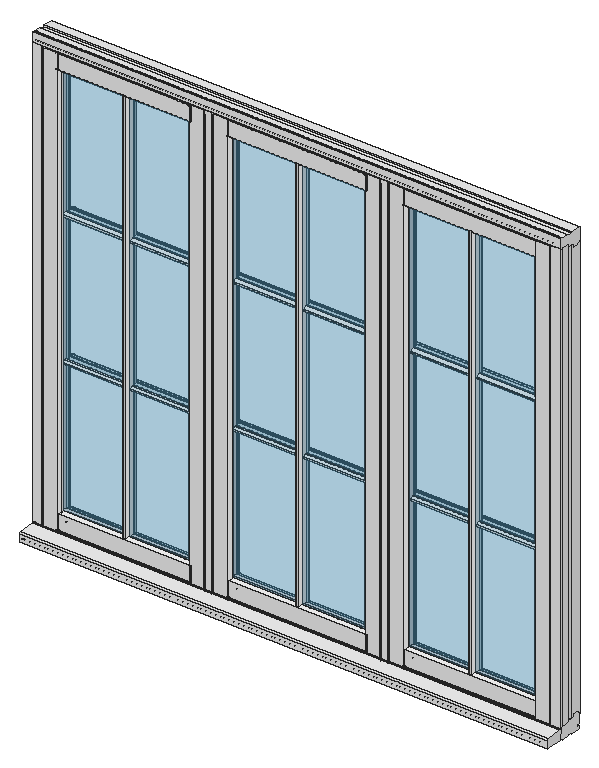
Revit family "C3-6P", category Windows, host Wall, Revit 2012 (continued)
Automatic sketch dimensions
  Sweep 16 sketch curve to profile plane = 0.0 mm
  profile plane to Sweep 16 sketch curve = 3.0 mm  (x2)
  profile plane to Sweep 16 sketch curve = 8.0 mm  (x2)
  Sweep 16 sketch curve to Sweep 16 sketch curve = 2.0 mm  (x3)
  Sweep 16 sketch curve to Sweep 16 sketch curve = 3.0 mm
  Sweep 16 sketch curve to Sweep 16 sketch curve = 42.0 mm
  Sweep 16 sketch curve to Sweep 16 sketch curve = 6.0 mm
  Sweep 16 sketch curve to Sweep 16 sketch curve = 10.0 mm
  Sweep 16 sketch curve to plane 1 "Center (Front/Back)" = 14.25 mm
  plane 1 "Center (Front/Back)" to Sweep 16 sketch curve = 4.75 mm
  Sweep 16 sketch curve to Sweep 16 sketch curve = 18.0 mm
  plane 1 "Center (Front/Back)" to Sweep 16 sketch curve = 33.75 mm
  Sweep 16 sketch curve to Sweep 16 sketch curve = 11.0 mm
  plane 24 to Sweep 17 sketch curve = 58.0 mm
  plane 1 "Center (Front/Back)" to Sweep 17 sketch curve = 1.0 mm
  profile plane to Sweep 17 sketch curve = 10.0 mm
  Sweep 17 sketch curve to Sweep 17 sketch curve = 3.0 mm  (x2)
  Sweep 17 sketch curve to Sweep 17 sketch curve = 4.0 mm  (x2)
  Sweep 17 sketch curve to profile plane = 1.0 mm
  Sweep 17 sketch curve to Sweep 17 sketch curve = 5.0 mm
  Sweep 17 sketch curve to Sweep 17 sketch curve = 1.0 mm
  plane 1 "Center (Front/Back)" to Sweep 17 sketch curve = 9.0 mm
  Sweep 18 sketch curve to plane 6 "Sill" = 0.0 mm
  Sweep 18 sketch curve to plane 12 = 0.0 mm
  Sweep 18 sketch curve to profile plane = 0.0 mm
  profile plane to Sweep 18 sketch curve = 3.0 mm  (x2)
  profile plane to Sweep 18 sketch curve = 8.0 mm  (x2)
  Sweep 18 sketch curve to Sweep 18 sketch curve = 2.0 mm  (x3)
  Sweep 18 sketch curve to Sweep 18 sketch curve = 3.0 mm
  Sweep 18 sketch curve to Sweep 18 sketch curve = 42.0 mm
  Sweep 18 sketch curve to Sweep 18 sketch curve = 6.0 mm
  Sweep 18 sketch curve to Sweep 18 sketch curve = 10.0 mm
  Sweep 18 sketch curve to plane 1 "Center (Front/Back)" = 14.25 mm
  plane 1 "Center (Front/Back)" to Sweep 18 sketch curve = 4.75 mm
  Sweep 18 sketch curve to Sweep 18 sketch curve = 18.0 mm
  plane 1 "Center (Front/Back)" to Sweep 18 sketch curve = 33.75 mm
  Sweep 18 sketch curve to Sweep 18 sketch curve = 11.0 mm
  Sweep 19 sketch curve to plane 6 "Sill" = 0.0 mm
  Sweep 19 sketch curve to profile plane = 0.0 mm
  Sweep 19 sketch curve to profile plane = 3.0 mm
  Sweep 19 sketch curve to Sweep 19 sketch curve = 0.0 mm
  Sweep 19 sketch curve to profile plane = 8.0 mm
  Sweep 19 sketch curve to Sweep 19 sketch curve = 5.0 mm
  Sweep 19 sketch curve to Sweep 19 sketch curve = 2.0 mm  (x3)
  Sweep 19 sketch curve to Sweep 19 sketch curve = 3.0 mm
  Sweep 19 sketch curve to plane 1 "Center (Front/Back)" = 14.25 mm
  Sweep 19 sketch curve to Sweep 19 sketch curve = 41.0 mm
  Sweep 19 sketch curve to Sweep 19 sketch curve = 6.0 mm
  Sweep 19 sketch curve to Sweep 19 sketch curve = 10.0 mm
  plane 1 "Center (Front/Back)" to Sweep 19 sketch curve = 4.75 mm
  Sweep 19 sketch curve to Sweep 19 sketch curve = 18.0 mm
  plane 1 "Center (Front/Back)" to Sweep 19 sketch curve = 33.75 mm
  Sweep 19 sketch curve to Sweep 19 sketch curve = 11.0 mm
  profile plane to Sweep 20 sketch curve = 0.0 mm
  Sweep 20 sketch curve to profile plane = 3.0 mm
  Sweep 20 sketch curve to Sweep 20 sketch curve = 0.0 mm
  Sweep 20 sketch curve to profile plane = 12.0 mm
  Sweep 20 sketch curve to Sweep 20 sketch curve = 9.0 mm
  Sweep 20 sketch curve to Sweep 20 sketch curve = 2.0 mm  (x3)
  Sweep 20 sketch curve to Sweep 20 sketch curve = 3.0 mm
  Sweep 20 sketch curve to plane 1 "Center (Front/Back)" = 14.75 mm
  Sweep 20 sketch curve to Sweep 20 sketch curve = 41.0 mm
  Sweep 20 sketch curve to Sweep 20 sketch curve = 6.0 mm
  Sweep 20 sketch curve to Sweep 20 sketch curve = 10.0 mm
  plane 1 "Center (Front/Back)" to Sweep 20 sketch curve = 4.25 mm
  Sweep 20 sketch curve to Sweep 20 sketch curve = 18.0 mm
  plane 1 "Center (Front/Back)" to Sweep 20 sketch curve = 33.25 mm
  Sweep 20 sketch curve to Sweep 20 sketch curve = 11.0 mm
  Sweep 21 sketch curve to profile plane = 0.0 mm
  profile plane to Sweep 21 sketch curve = 3.0 mm  (x2)
  profile plane to Sweep 21 sketch curve = 12.0 mm  (x2)
  Sweep 21 sketch curve to Sweep 21 sketch curve = 2.0 mm  (x3)
  Sweep 21 sketch curve to Sweep 21 sketch curve = 3.0 mm
  Sweep 21 sketch curve to Sweep 21 sketch curve = 42.0 mm
  Sweep 21 sketch curve to Sweep 21 sketch curve = 6.0 mm
  Sweep 21 sketch curve to Sweep 21 sketch curve = 10.0 mm
  Sweep 21 sketch curve to plane 1 "Center (Front/Back)" = 14.75 mm
  plane 1 "Center (Front/Back)" to Sweep 21 sketch curve = 4.25 mm
  Sweep 21 sketch curve to Sweep 21 sketch curve = 18.0 mm
  plane 1 "Center (Front/Back)" to Sweep 21 sketch curve = 33.25 mm
  Sweep 21 sketch curve to Sweep 21 sketch curve = 11.0 mm
  Sweep 22 sketch curve to plane 17 = 0.0 mm
  profile plane to Sweep 22 sketch curve = 6.0 mm
  profile plane to Sweep 22 sketch curve = 1.0 mm
  Sweep 22 sketch curve to profile plane = 6.0 mm
  plane 1 "Center (Front/Back)" to Sweep 22 sketch curve = 1.0 mm
  Sweep 22 sketch curve to Sweep 22 sketch curve = 1.0 mm  (x2)
  plane 1 "Center (Front/Back)" to Sweep 22 sketch curve = 5.0 mm
  Sweep 22 sketch curve to Sweep 22 sketch curve = 4.0 mm
  Sweep 22 sketch curve to Sweep 22 sketch curve = 3.0 mm
  plane 1 "Center (Front/Back)" to Sweep 22 sketch curve = 9.0 mm
  Sweep 23 sketch curve to plane 16 = 0.0 mm
  profile plane to Sweep 23 sketch curve = 4.0 mm
  Sweep 23 sketch curve to profile plane = 6.0 mm
  plane 1 "Center (Front/Back)" to Sweep 23 sketch curve = 13.165 mm
  Sweep 23 sketch curve to Sweep 23 sketch curve = 16.0 mm
  Sweep 24 sketch curve to plane 16 = 0.0 mm
  Sweep 24 sketch curve to plane 17 = 0.0 mm
  profile plane to Sweep 24 sketch curve = 4.0 mm
  Sweep 24 sketch curve to profile plane = 6.0 mm
  plane 1 "Center (Front/Back)" to Sweep 24 sketch curve = 13.165 mm
  Sweep 24 sketch curve to Sweep 24 sketch curve = 16.0 mm
  Extrusion 29 sketch curve to plane 16 = 6.0 mm
  Extrusion 30 sketch curve to plane 25 = 58.0 mm
  Extrusion 30 sketch curve to plane 28 = 40.0 mm
  profile plane to Sweep 31 sketch curve = 10.0 mm  (x2)
  plane 1 "Center (Front/Back)" to Sweep 31 sketch curve = 1.883 mm  (x2)
  Sweep 31 sketch curve to Sweep 31 sketch curve = 2.0 mm  (x4)
  profile plane to Sweep 31 sketch curve = 2.5 mm
  profile plane to Sweep 31 sketch curve = 2.449 mm
  plane 1 "Center (Front/Back)" to Sweep 31 sketch curve = 0.189 mm  (x2)
  profile plane to Sweep 31 sketch curve = 0.964 mm
  Sweep 31 sketch curve to profile plane = 0.964 mm
  Sweep 31 sketch curve to profile plane = 2.5 mm
  Sweep 31 sketch curve to profile plane = 2.551 mm
  Sweep 31 sketch curve to Sweep 31 sketch curve = 7.036 mm
  Sweep 31 sketch curve to profile plane = 10.0 mm
  Sweep 31 sketch curve to plane 1 "Center (Front/Back)" = 0.617 mm  (x2)
  Sweep 31 sketch curve to Sweep 31 sketch curve = 6.0 mm
  Sweep 31 sketch curve to Sweep 31 sketch curve = 26.289 mm
  Sweep 31 sketch curve to Sweep 31 sketch curve = 2.8 mm
  Sweep 31 sketch curve to Sweep 31 sketch curve = 8.154 mm
  Sweep 31 sketch curve to Sweep 31 sketch curve = 0.0 mm
  profile plane to Sweep 32 sketch curve = 10.0 mm
  Sweep 32 sketch curve to profile plane = 10.0 mm
  plane 1 "Center (Front/Back)" to Sweep 32 sketch curve = 13.285 mm
  Sweep 32 sketch curve to Sweep 32 sketch curve = 16.0 mm
  profile plane to Sweep 33 sketch curve = 10.0 mm  (x2)
  plane 1 "Center (Front/Back)" to Sweep 33 sketch curve = 1.883 mm  (x2)
  Sweep 33 sketch curve to Sweep 33 sketch curve = 2.0 mm  (x4)
  profile plane to Sweep 33 sketch curve = 2.5 mm
  profile plane to Sweep 33 sketch curve = 2.449 mm
  plane 1 "Center (Front/Back)" to Sweep 33 sketch curve = 0.189 mm  (x2)
  profile plane to Sweep 33 sketch curve = 0.964 mm
  Sweep 33 sketch curve to profile plane = 0.964 mm
  Sweep 33 sketch curve to profile plane = 2.5 mm
  Sweep 33 sketch curve to profile plane = 2.551 mm
  Sweep 33 sketch curve to Sweep 33 sketch curve = 7.036 mm
  Sweep 33 sketch curve to profile plane = 10.0 mm
  Sweep 33 sketch curve to plane 1 "Center (Front/Back)" = 0.617 mm  (x2)
  Sweep 33 sketch curve to Sweep 33 sketch curve = 6.0 mm
  Sweep 33 sketch curve to Sweep 33 sketch curve = 26.289 mm
  Sweep 33 sketch curve to Sweep 33 sketch curve = 2.8 mm
  Sweep 33 sketch curve to Sweep 33 sketch curve = 8.154 mm
  Sweep 33 sketch curve to Sweep 33 sketch curve = 0.0 mm
  profile plane to Sweep 34 sketch curve = 10.0 mm
  Sweep 34 sketch curve to profile plane = 10.0 mm
  plane 1 "Center (Front/Back)" to Sweep 34 sketch curve = 13.285 mm
  Sweep 34 sketch curve to Sweep 34 sketch curve = 16.0 mm
  profile plane to Sweep 35 sketch curve = 10.0 mm  (x2)
  plane 1 "Center (Front/Back)" to Sweep 35 sketch curve = 1.883 mm  (x2)
  Sweep 35 sketch curve to Sweep 35 sketch curve = 2.0 mm  (x4)
  profile plane to Sweep 35 sketch curve = 2.5 mm
  profile plane to Sweep 35 sketch curve = 2.449 mm
  plane 1 "Center (Front/Back)" to Sweep 35 sketch curve = 0.189 mm  (x2)
  profile plane to Sweep 35 sketch curve = 0.964 mm
  Sweep 35 sketch curve to profile plane = 0.964 mm
  Sweep 35 sketch curve to profile plane = 2.5 mm
  Sweep 35 sketch curve to profile plane = 2.551 mm
  Sweep 35 sketch curve to Sweep 35 sketch curve = 7.036 mm
  Sweep 35 sketch curve to profile plane = 10.0 mm
  Sweep 35 sketch curve to plane 1 "Center (Front/Back)" = 0.617 mm  (x2)
  Sweep 35 sketch curve to Sweep 35 sketch curve = 6.0 mm
  Sweep 35 sketch curve to Sweep 35 sketch curve = 26.289 mm
  Sweep 35 sketch curve to Sweep 35 sketch curve = 2.8 mm
  Sweep 35 sketch curve to Sweep 35 sketch curve = 8.154 mm
  Sweep 35 sketch curve to Sweep 35 sketch curve = 0.0 mm
  profile plane to Sweep 36 sketch curve = 10.0 mm
  Sweep 36 sketch curve to profile plane = 10.0 mm
  plane 1 "Center (Front/Back)" to Sweep 36 sketch curve = 13.285 mm
  Sweep 36 sketch curve to Sweep 36 sketch curve = 16.0 mm
  plane 15 to Sweep 37 sketch curve = 0.0 mm
  Sweep 37 sketch curve to plane 14 = 0.0 mm
  profile plane to Sweep 37 sketch curve = 10.0 mm  (x2)
  Sweep 37 sketch curve to Sweep 37 sketch curve = 2.0 mm  (x5)
  profile plane to Sweep 37 sketch curve = 2.551 mm
  profile plane to Sweep 37 sketch curve = 2.5 mm
  profile plane to Sweep 37 sketch curve = 0.964 mm
  Sweep 37 sketch curve to profile plane = 0.964 mm
  Sweep 37 sketch curve to profile plane = 2.449 mm
  Sweep 37 sketch curve to profile plane = 2.5 mm
  Sweep 37 sketch curve to Sweep 37 sketch curve = 7.036 mm
  Sweep 37 sketch curve to profile plane = 10.0 mm
  Sweep 37 sketch curve to plane 1 "Center (Front/Back)" = 28.711 mm
  Sweep 37 sketch curve to Sweep 37 sketch curve = 7.5 mm
  Sweep 37 sketch curve to Sweep 37 sketch curve = 0.807 mm
  Sweep 37 sketch curve to Sweep 37 sketch curve = 2.5 mm  (x2)
  Sweep 37 sketch curve to Sweep 37 sketch curve = 6.0 mm
  plane 1 "Center (Front/Back)" to Sweep 37 sketch curve = 15.578 mm
  Sweep 37 sketch curve to Sweep 37 sketch curve = 2.8 mm
  Sweep 37 sketch curve to Sweep 37 sketch curve = 8.154 mm
  Sweep 37 sketch curve to Sweep 37 sketch curve = 0.0 mm
  plane 15 to Sweep 38 sketch curve = 0.0 mm
  Sweep 38 sketch curve to plane 14 = 0.0 mm
  profile plane to Sweep 38 sketch curve = 10.0 mm
  Sweep 38 sketch curve to profile plane = 10.0 mm
  Sweep 38 sketch curve to plane 1 "Center (Front/Back)" = 5.465 mm
  plane 1 "Center (Front/Back)" to Sweep 38 sketch curve = 10.535 mm
  Sweep 39 sketch curve to plane 6 "Sill" = 0.0 mm
  Sweep 39 sketch curve to plane 12 = 0.0 mm
  Sweep 39 sketch curve to profile plane = 0.0 mm
  profile plane to Sweep 39 sketch curve = 3.0 mm  (x2)
  profile plane to Sweep 39 sketch curve = 8.0 mm  (x2)
  Sweep 39 sketch curve to Sweep 39 sketch curve = 2.0 mm  (x3)
  Sweep 39 sketch curve to Sweep 39 sketch curve = 3.0 mm
  Sweep 39 sketch curve to Sweep 39 sketch curve = 42.0 mm
  Sweep 39 sketch curve to Sweep 39 sketch curve = 6.0 mm
  Sweep 39 sketch curve to Sweep 39 sketch curve = 10.0 mm
  Sweep 39 sketch curve to plane 1 "Center (Front/Back)" = 14.25 mm
  plane 1 "Center (Front/Back)" to Sweep 39 sketch curve = 4.75 mm
  Sweep 39 sketch curve to Sweep 39 sketch curve = 18.0 mm
  plane 1 "Center (Front/Back)" to Sweep 39 sketch curve = 33.75 mm
  Sweep 39 sketch curve to Sweep 39 sketch curve = 11.0 mm
  plane 14 to Sweep 40 sketch curve = 6.0 mm
  Sweep 40 sketch curve to plane 24 = 52.0 mm
  Sweep 40 sketch curve to profile plane = 0.0 mm
  Sweep 40 sketch curve to profile plane = 3.0 mm
  Sweep 40 sketch curve to Sweep 40 sketch curve = 0.0 mm
  Sweep 40 sketch curve to profile plane = 8.0 mm
  Sweep 40 sketch curve to Sweep 40 sketch curve = 5.0 mm
  Sweep 40 sketch curve to Sweep 40 sketch curve = 2.0 mm  (x3)
  Sweep 40 sketch curve to Sweep 40 sketch curve = 3.0 mm
  Sweep 40 sketch curve to plane 1 "Center (Front/Back)" = 14.75 mm
  Sweep 40 sketch curve to Sweep 40 sketch curve = 41.0 mm
  Sweep 40 sketch curve to Sweep 40 sketch curve = 6.0 mm
  Sweep 40 sketch curve to Sweep 40 sketch curve = 10.0 mm
  plane 1 "Center (Front/Back)" to Sweep 40 sketch curve = 4.25 mm
  Sweep 40 sketch curve to Sweep 40 sketch curve = 18.0 mm
  plane 1 "Center (Front/Back)" to Sweep 40 sketch curve = 33.25 mm
  Sweep 40 sketch curve to Sweep 40 sketch curve = 11.0 mm
  Sweep 41 sketch curve to plane 6 "Sill" = 0.0 mm
  Sweep 41 sketch curve to plane 12 = 0.0 mm
  Sweep 41 sketch curve to profile plane = 0.0 mm
  Sweep 41 sketch curve to profile plane = 3.0 mm
  Sweep 41 sketch curve to Sweep 41 sketch curve = 0.0 mm
  Sweep 41 sketch curve to profile plane = 8.0 mm
  Sweep 41 sketch curve to Sweep 41 sketch curve = 5.0 mm
  Sweep 41 sketch curve to Sweep 41 sketch curve = 2.0 mm  (x3)
  Sweep 41 sketch curve to Sweep 41 sketch curve = 3.0 mm
  Sweep 41 sketch curve to plane 1 "Center (Front/Back)" = 14.25 mm
  Sweep 41 sketch curve to Sweep 41 sketch curve = 41.0 mm
  Sweep 41 sketch curve to Sweep 41 sketch curve = 6.0 mm
  Sweep 41 sketch curve to Sweep 41 sketch curve = 10.0 mm
  plane 1 "Center (Front/Back)" to Sweep 41 sketch curve = 4.75 mm
  Sweep 41 sketch curve to Sweep 41 sketch curve = 18.0 mm
  plane 1 "Center (Front/Back)" to Sweep 41 sketch curve = 33.75 mm
  Sweep 41 sketch curve to Sweep 41 sketch curve = 11.0 mm
  Sweep 42 sketch curve to profile plane = 0.0 mm
  Sweep 42 sketch curve to profile plane = 3.0 mm
  Sweep 42 sketch curve to Sweep 42 sketch curve = 0.0 mm
  Sweep 42 sketch curve to profile plane = 8.0 mm
  Sweep 42 sketch curve to Sweep 42 sketch curve = 5.0 mm
  Sweep 42 sketch curve to Sweep 42 sketch curve = 2.0 mm  (x3)
  Sweep 42 sketch curve to Sweep 42 sketch curve = 3.0 mm
  Sweep 42 sketch curve to plane 1 "Center (Front/Back)" = 14.75 mm
  Sweep 42 sketch curve to Sweep 42 sketch curve = 41.0 mm
  Sweep 42 sketch curve to Sweep 42 sketch curve = 6.0 mm
  Sweep 42 sketch curve to Sweep 42 sketch curve = 10.0 mm
  plane 1 "Center (Front/Back)" to Sweep 42 sketch curve = 4.25 mm
  Sweep 42 sketch curve to Sweep 42 sketch curve = 18.0 mm
  plane 1 "Center (Front/Back)" to Sweep 42 sketch curve = 33.25 mm
  Sweep 42 sketch curve to Sweep 42 sketch curve = 11.0 mm
  Sweep 43 sketch curve to profile plane = 0.0 mm
  Sweep 43 sketch curve to profile plane = 3.0 mm
  Sweep 43 sketch curve to Sweep 43 sketch curve = 0.0 mm
  Sweep 43 sketch curve to profile plane = 8.0 mm
  Sweep 43 sketch curve to Sweep 43 sketch curve = 5.0 mm
  Sweep 43 sketch curve to Sweep 43 sketch curve = 2.0 mm  (x3)
  Sweep 43 sketch curve to Sweep 43 sketch curve = 3.0 mm
  Sweep 43 sketch curve to plane 1 "Center (Front/Back)" = 14.75 mm
  Sweep 43 sketch curve to Sweep 43 sketch curve = 41.0 mm
  Sweep 43 sketch curve to Sweep 43 sketch curve = 6.0 mm
  Sweep 43 sketch curve to Sweep 43 sketch curve = 10.0 mm
  plane 1 "Center (Front/Back)" to Sweep 43 sketch curve = 4.25 mm
  Sweep 43 sketch curve to Sweep 43 sketch curve = 18.0 mm
  plane 1 "Center (Front/Back)" to Sweep 43 sketch curve = 33.25 mm
  Sweep 43 sketch curve to Sweep 43 sketch curve = 11.0 mm
  Sweep 43 sketch curve to plane 12 = 0.0 mm
  Sweep 43 sketch curve to plane 25 = 52.0 mm
  Sweep 43 sketch curve to plane 28 = 46.0 mm
  plane 26 to Sweep 42 sketch curve = 52.0 mm
  plane 15 to Sweep 42 sketch curve = 6.0 mm
  Sweep 21 sketch curve to plane 13 = 5.0 mm
  plane 26 to Sweep 21 sketch curve = 52.0 mm
  plane 15 to Sweep 21 sketch curve = 6.0 mm
  plane 13 to Sweep 20 sketch curve = 5.0 mm
  plane 25 to Sweep 20 sketch curve = 52.0 mm
  plane 28 to Sweep 20 sketch curve = 46.0 mm
  Sweep 7 sketch curve to plane 24 = 52.0 mm
  plane 14 to Sweep 7 sketch curve = 6.0 mm
